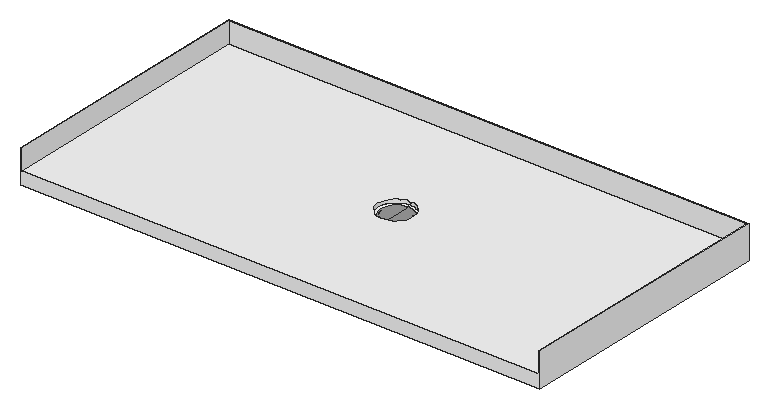
Revit family "1Plumbing-Fixture_Mincey-Marble-Manufacturing_CONV-CUST-Custom-Shower-Pan", category Plumbing Fixtures, Revit 2022
Family settings
  Round Connector Dimension = Use Diameter
  Part Type = Normal
  OmniClass Number = 23.45.05.14.11.21
  Work Plane-Based = No
  Always vertical = Yes
  Cut with Voids When Loaded = No
  Maintain Annotation Orientation = No
  Shared = No
  Room Calculation Point = No
Parameters (values of type "CONV-CUST - Shower Pan")
  Version = 1
  Vent Connection = no
  URL = "https://minceymarble.com/"
  Product Material Note [instance] = "Available Product Material: Almond, Bone, Cream, Ivory, White, Light Gray, Putty."  # constant formula
  Length Note [instance] = "Available Length range: 60-120\" "  # constant formula
  Length Limits [instance] = if(Length > 120", 120", if(Length < 60", 60", Length))  # 62"
  Keynote = "22 40 00.B3"
  Flow = 0 GPM
  Drain Vertical Offset Limits [instance] = if(or(Drain Vertical Offset = Length, Drain Vertical Offset > Length), Length Limits - 6", if(Drain Vertical Offset < 6", 6", Drain Vertical Offset))  # 30"
  Drain Vertical Offset [instance] = 30"
  Drain Horizontal Offset Limits [instance] = if(and(Curb, or(Drain Horizontal Offset = Depth, Drain Horizontal Offset > Depth)), Depth Limits - 8", if(or(Drain Horizontal Offset = Depth, Drain Horizontal Offset > Depth), Depth Limits - 6", if(Drain Horizontal Offset < 6", 6", Drain Horizontal Offset)))  # 15"
  Drain Horizontal Offset [instance] = 15"
  Drain Diameter = 2"
  Drain Cover Material Note [instance] = "Available Drain Cover Material: Solid, Decorative Metal"  # constant formula
  Depth Note [instance] = "Available Depth range: 30-60\". Curb adds 2” to overall depth"  # constant formula
  Depth Limits [instance] = if(Depth > 60", 60", if(Depth < 30", 30", Depth))  # 31"
  Depth [instance] = 31"
  Product data url = ""
  Product Page URL = "https://minceymarble.com/product/shower-pans-conv-xxxx-c-sf"
  Product Material [instance] = Mincey Marble Manufacturing - Cast Marble - White
  Product Documentation Link = "https://minceymarble.com/products-specifications-shower-pans-conv-xxxx-c-sf"
  Model = "CONV-CUST-C-SF"
  Manufacturer = "Mincey Marble Manufacturing"  # constant formula
  Length [instance] = 62"
  Height [instance] = if(Curb, 3", 1.5")  # 1.5"
  Drain Cover Material [instance] = Mincey Marble Manufacturing - PVC - Solid
  Description = "Custom Conversion Shower Pan"
  Default Elevation = 0"
  Date Updated = ""
  Date Created = "2025/08/15"  # constant formula
  Curb Offset [instance] = if(Curb, 2", 0")  # 0"
  Curb [instance] = no
  CEx [instance] = if(Curb, 3", 1.5")  # 1.5"
  Assembly Code = "D2010.60"
Reference planes (in)
  plane 1 "Center (Front/Back)": y = 0
  plane 2: z = 0
  plane 3 "Center (Left/Right)": x = 0
  plane 4: x = -31
  plane 5: x = 31
  plane 6: y = 15.5
  plane 7: y = -15.5
  plane 8: z = 3
  plane 9: z = 4
  plane 10 "Drain 1": y = 0.5
  plane 11 "Drain 2": x = 1
  plane 12: z = 1.5
  plane 13 "Offset Curb": y = -15.5
Forms (in)
  Extrusion 1, solid, material "Mincey Marble Manufacturing - Cast Marble - White" <- "Product Material", detail levels medium+fine
    sketch origin (0, 0, 0) x (1, 0, 0) y (0, 1, 0)
      loop
        line (-31, 15.5) -> (-31, -15.5) -> (31, -15.5) -> (31, 15.5) -> (-31, 15.5)
    from 0 to 1.5
  Extrusion 2, solid, material "Mincey Marble Manufacturing - Cast Marble - White" <- "Product Material", detail levels medium+fine
    sketch origin (0, 0, 0) x (1, 0, 0) y (0, 1, 0)
      loop
        line (-31, 15.5) -> (-31, -15.5) -> (-30.87, -15.5) -> (-30.87, 15.37) -> (30.87, 15.37) -> (30.87, -15.5) -> (31, -15.5) -> (31, 15.5) -> (-31, 15.5)
    from 1.5 to 4
  Extrusion 3, solid, material "Mincey Marble Manufacturing - Cast Marble - White" <- "Product Material", visible <- "Curb", detail levels medium+fine
    sketch origin (0, 0, 0) x (1, 0, 0) y (0, 1, 0)
      loop
        line (-31, -15.5) -> (31, -15.5) -> (31, -13.5) -> (-31, -13.5) -> (-31, -15.5)
    from 0 to 3
  Revolve 4, void, detail levels medium+fine
    sketch origin (1, 8.18391, 48) x (0, 1, 0) y (0, 0, 1)
      loop
        line (-7.68391, -48) -> (-6.05891, -48) -> (-6.05891, -47) -> (-5.55891, -46.88) -> (-5.55891, -46.5) -> (-7.68391, -46.5) -> (-7.68391, -48)
      axis (-7.68391, -48) -> (-7.68391, -46.5)
    angle from 0 to 360
  Extrusion 5, solid, material "Mincey Marble Manufacturing - Cast Marble - White" <- "Product Material", detail levels coarse
    sketch origin (0, 0, 0) x (1, 0, 0) y (0, 0, 1)
      loop
        line (-31, 1.5) -> (-31, 0) -> (31, 0) -> (31, 1.5) -> (-31, 1.5)
    from -15.5 to 15.5
  Revolve 6, solid, material "Mincey Marble Manufacturing - PVC - Solid" <- "Drain Cover Material", detail levels medium+fine
    sketch origin (1, 8.18391, 48) x (0, 1, 0) y (0, 0, 1)
      loop
        line (-6.05891, -47) -> (-5.80848, -46.9399) -> (-7.68391, -46.9399) -> (-7.68391, -47) -> (-6.05891, -47)
      axis (-7.68391, -47) -> (-7.68391, -46.9399)
    angle from 0 to 360
  Extrusion 7, solid, not visible
    sketch origin (0, 0, 0) x (1, 0, 0) y (0, 1, 0)
      loop
        circle (1, 0.5) r 0.5
    from 0 to 1
Cuts and joins
  Revolve 4 cuts Extrusion 1
  joined: Extrusion 1, Extrusion 2
Lines and regions (in)
  Masking region 1
    outline origin (0, 0, 0) x (1, 0, 0) y (0, 1, 0)
      loop
        line (-31, 15.5) -> (-31, -15.5) -> (31, -15.5) -> (31, 15.5) -> (-31, 15.5)
  symbolic lines, detail levels medium+fine
    curve 1: line (-30.87, 15.37, 0) -> (-30.87, -15.5, 0)
    curve 2: line (-30.87, 15.37, 0) -> (30.87, 15.37, 0)
    curve 3: line (30.87, 15.37, 0) -> (30.87, -15.5, 0)
    curve 5: circle (1, 0.5, 0) r 2.125 normal (0, 0, 1)
    curve 6: arc (1, 2.37543, 0) -> (-0.87543, 0.5, 0) -> (1, -1.37543, 0) r 1.87543
    curve 7: arc (1, -1.37543, 0) -> (2.87543, 0.5, 0) -> (1, 2.37543, 0) r 1.87543
  symbolic lines, visible <- "Curb", detail levels medium+fine
    curve 4: line (31, -13.5, 0) -> (-31, -13.5, 0)
Dimensions and locks (in)
  equal spacing: plane 4, plane 3 "Center (Left/Right)", plane 5
  "Length Limits": plane 4 to plane 5
  equal spacing: plane 6, plane 1 "Center (Front/Back)", plane 7
  "Depth Limits": plane 6 to plane 7
  "Drain Horizontal Offset Limits": plane 6 to plane 10 "Drain 1"
  "Drain Vertical Offset Limits": plane 11 "Drain 2" to plane 5
  locked: plane 4 to Extrusion 2 sketch curve at 0.13
  locked: plane 6 to Extrusion 2 sketch curve at 0.13
  locked: Extrusion 2 sketch curve to plane 5 at 0.13
  locked: Extrusion 3 sketch curve to plane 7 at 2
  "Curb Offset": plane 13 "Offset Curb" to plane 7
  Revolve 4 sketch curve to Revolve 4 sketch curve to plane 10 "Drain 1" = 0.5" locked, 1.625" locked
  plane 9 to plane 8 to plane 12 to level = 1" locked, 1.5" locked, 1.5" locked
  "CEx": Extrusion 5 sketch curve to level
  locked: plane 11 "Drain 2" to curve 5
  locked: plane 10 "Drain 1" to curve 5
  locked: plane 11 "Drain 2" to Extrusion 7 sketch curve
  locked: plane 10 "Drain 1" to Extrusion 7 sketch curve
  Revolve 6 sketch curve to Revolve 6 sketch curve to plane 10 "Drain 1" = 0.25043" locked, 1.625" locked
  aligned and locked: plane 2 to level
  aligned and locked: Extrusion 1 sketch curve to plane 4
  aligned and locked: Extrusion 1 sketch curve to plane 6
  aligned and locked: Extrusion 1 sketch curve to plane 5
  aligned and locked: plane 12 to Extrusion 1
  aligned and locked: Extrusion 1 to level
  aligned and locked: Extrusion 2 sketch curve to plane 4
  aligned and locked: Extrusion 2 sketch curve to plane 6
  aligned and locked: Extrusion 2 sketch curve to plane 5
  aligned and locked: Extrusion 2 to Extrusion 1
  aligned and locked: plane 9 to Extrusion 2
  aligned and locked: Extrusion 3 sketch curve to plane 7
  aligned and locked: Extrusion 3 sketch curve to plane 4
  aligned and locked: Extrusion 3 sketch curve to plane 5
  aligned and locked: plane 8 to Extrusion 3
  aligned and locked: Extrusion 2 sketch curve to plane 13 "Offset Curb"  (x2)
  aligned and locked: Extrusion 1 sketch curve to plane 13 "Offset Curb"
  aligned and locked: Revolve 4 sketch curve to plane 10 "Drain 1"
  aligned and locked: plane 10 "Drain 1" to Revolve 4 sketch curve
  aligned and locked: curve 1 to cut or joined group of Extrusion 1, Extrusion 2, Revolve 4
  aligned and locked: curve 2 to cut or joined group of Extrusion 1, Extrusion 2, Revolve 4
  aligned and locked: curve 3 to cut or joined group of Extrusion 1, Extrusion 2, Revolve 4
  aligned and locked: Masking region 1 sketch curve to plane 4
  aligned and locked: Masking region 1 sketch curve to plane 5
  aligned and locked: Masking region 1 sketch curve to plane 6
  aligned and locked: Masking region 1 sketch curve to plane 7
  aligned and locked: Extrusion 5 sketch curve to plane 4
  aligned and locked: Extrusion 5 sketch curve to plane 5
  aligned and locked: Extrusion 5 sketch curve to level
  aligned and locked: plane 6 to Extrusion 5
  aligned and locked: Extrusion 5 to plane 7
  aligned and locked: Revolve 6 sketch curve to plane 10 "Drain 1"
  aligned and locked: plane 10 "Drain 1" to Revolve 6 sketch curve
  aligned and locked: Extrusion 7 to level
  aligned and locked: Extrusion 7 to cut or joined group of Extrusion 1, Extrusion 2, Revolve 4
  aligned and locked: level to Revolve 4 sketch curve
  aligned and locked: Revolve 6 sketch curve to cut or joined group of Extrusion 1, Extrusion 2, Revolve 4
  aligned and locked: curve 6 to Revolve 6
  aligned and locked: curve 7 to Revolve 6
  aligned and locked: plane 13 "Offset Curb" to curve 3
  aligned and locked: plane 13 "Offset Curb" to curve 1
Automatic sketch dimensions
  Revolve 4 sketch curve to level = 12"
  plane 9 to Revolve 4 sketch curve = 92"
  level to Revolve 4 sketch curve = 1"
  Revolve 4 sketch curve to Revolve 4 sketch curve = 0.12"
  Revolve 4 sketch curve to Revolve 4 sketch curve = 0.38"
  Revolve 6 sketch curve to Revolve 6 sketch curve = 0.0601"
  Revolve 6 sketch curve to level = 12"
  plane 9 to Revolve 6 sketch curve = 92"
  curve 4 to plane 4 = 0"
  curve 4 to plane 5 = 0"
  plane 4 to curve 2 = 0.13"
  curve 3 to plane 5 = 0.13"
  curve 2 to plane 6 = 0.13"
  plane 7 to curve 4 = 2"
  radius of Extrusion 7 sketch curve = 0.5"
  radius of curve 5 = 2.125"
Connectors (in)
  piping at (1, 0.5, 0), diameter 2, driven by "Drain Diameter", driven by "Flow"
    settings: on Extrusion 7, index 1, connector inside diameter 24", connector length 0", flow factor 0, pipe flow 0 GPM, pressure drop 0.00 psi, fitting loss kfactor 0, connector angle 0.00°, fixture units 0, engagement length 0", angle of deflection 0.00°, flow configuration 0, flow direction 2, fitting loss method 0, system type 16, joint type 0, gender type 0, connector reference index -1, connector utility 0, adjustable connector no, is connector primary yes, connector description "Drain"
